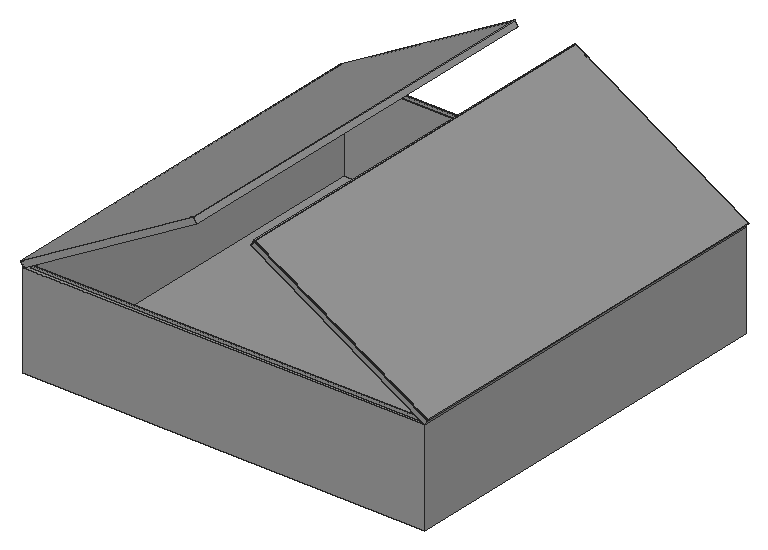
Revit family "Hager-Orion_Inox-IP55-D300-Cl.I-Inox_encl-630A-1200mm-CH-de", category Electrical Equipment, host Face, Revit 2020
Family settings
  Host = Face
  Panel Configuration = Two Columns, Circuits Across
  Round Connector Dimension = Use Diameter
  Part Type = Panelboard
  Cut with Voids When Loaded = No
  Shared = No
  Room Calculation Point = No
Parameters (values of type "Aufputz IP55 B1200 H1200 T300  - FL060BWL")
  Width Control [instance] = if([EF000008 - Breite] > Min Width, [EF000008 - Breite], Min Width)  # 1200 mm
  Type Comments = [HG000003 - Bereich]  # "Orion Inox"
  Thickness Door [instance] = if([EF009171 - Materialstärke Tür/Deckel] > 3 mm, 3 mm, [EF009171 - Materialstärke Tür/Deckel])  # 1.5 mm
  Seal Frame Offset [instance] = 17 mm  # constant formula
  Model = ""
  Min Width [instance] = 100 mm  # constant formula
  Min Height [instance] = 100 mm  # constant formula
  Min Depth [instance] = (2 * [EF009170 - Materialstärke Gehäuse]) + 1 mm  # 4 mm
  Internal Frame Depth [instance] = (Door System Depth * 0.5)  # 9 mm
  Height Control [instance] = if([EF000040 - Höhe] > Min Height, [EF000040 - Höhe], Min Height)  # 1200 mm
  HG000027 - Sockelhöhe = 0 mm
  HG000026 - Stehend auf dem Boden = no
  HG000024 - Höhe des unteren Teils = 800 mm
  HG000023 - Gehäuse mit doppeltem Querschnitt = no
  HG000016 - 3D-Türsichtbarkeit [instance] = yes
  HG000015 - Sichtbarkeit der Türöffnung [instance] = no
  HG000014 - Tür rechts [instance] = yes
  HG000013 - Tür links [instance] = not([HG000014 - Tür rechts])  # no
  HG000012 - Türschwenkwinkel [instance] = 30.00°
  HG000010 - Asymmetrische Türen = no
  HG000009 - Doppelflügeligen Tür = yes
  HG000006 - Unterputz = no
  HG000004 - Herstellerreferenz = "FL060BWL"
  HG000003 - Bereich = "Orion Inox"
  HG000002 - Mit tür = yes
  Frame Offset Bottom [instance] = 10 mm  # constant formula
  Frame Offset [instance] = 15 mm  # constant formula
  EF015940 - Deckel mit Überdruckentlastung = no
  EF011959 - Schutzart (NEMA) = ""
  EF009554 - Anzahl der Öffnungen für Flanschplatten = 0
  Manufacturer = "Hager"  # constant formula
  EF009212 - Ausführung Deckel = "EV000116 - geschlossen"
  EF009171 - Materialstärke Tür/Deckel = 1.5 mm
  EF009170 - Materialstärke Gehäuse = 1.5 mm
  EF008873 - Nennstrom (In) = 630 A
  EF007800 - Geeignet für Blitzschutz = no
  EF006306 - Mit Schloss = yes
  EF006244 - Transparenter Deckel/Tür = no
  EF005474 - Schutzart (IP) = "EV006420 - IP55"
  EF004464 - Art der Tür = "EV003602 - Doppel"
  EF004427 - Anzahl der Module = 0
  EF004293 - Schlagfestigkeit = "EV008784 - IK10"
  EF003532 - Geeignet für Außengebrauch = yes
  EF002950 - Breite in Teilungseinheiten = 0
  EF001613 - Funktionserhalt = "EV000494 - ohne"
  EF001596 - Werkstoff des Gehäuses = "EV000166 - rostfreier Stahl"
  EF001131 - Innentiefe = 266 mm
  EF001088 - Anbaumöglichkeit = yes
  EF000437 - Anzahl der Leitungseinführungen = 0
  EF000339 - Art der Abdeckung = "EV004216 - Tür"
  EF000266 - Anzahl der Reihen = 0
  EF000218 - Einbautiefe = 0 mm
  EF000118 - Mit Montageplatte = no
  EF000116 - RAL-Nummer = ""
  EF000049 - Tiefe = 300 mm
  EF000040 - Höhe = 1200 mm
  EF000008 - Breite = 1200 mm
  EF000007 - Farbe = "EV000154 - sonstige"
  EF000003 - Montageart = "EV000384 - Aufputz"
  Door System Leaf Tolerance [instance] = 1.5 mm  # constant formula
  Door System Depth [instance] = 18 mm  # constant formula
  Depth Control [instance] = if([EF000049 - Tiefe] > Min Depth, [EF000049 - Tiefe], Min Depth)  # 300 mm
  Default Elevation = 0 mm
Types (4, lengths in mm): name | Width Control | HG000004 - Herstellerreferenz | EF000008 - Breite
  Aufputz IP55 B1000 H1200 T300  - FL058BW | 1000 | "FL058BW" | 1000
  Aufputz IP55 B1000 H1200 T300  - FL058BWL | 1000 | "FL058BWL" | 1000
  Aufputz IP55 B1200 H1200 T300  - FL060BW | 1200 | "FL060BW" | 1200
  Aufputz IP55 B1200 H1200 T300  - FL060BWL | 1200 | "FL060BWL" | 1200
Reference planes
  plane 1 "Center (Front/Back)": y = 0
  plane 2: z = 0
  plane 3 "Center (Left/Right)": x = 0
  plane 4: z = 300
  plane 5: y = 1.5
  plane 6: y = 600
  plane 7: y = 0
  plane 8: y = 1200
  plane 9: z = 0
  plane 10: x = -585
  plane 11: x = 585
  plane 12: x = 583.5
  plane 13: x = -583.5
  plane 14: y = 1198.5
  plane 15: x = -583
  plane 16: x = -600
  plane 17: x = 583
  plane 18: x = 600
  plane 19: x = 598.5
  plane 20: x = -598.5
  plane 21: y = 11.5
  plane 22: y = 1200
  plane 23: y = 1183.5
  plane 24: z = 282
  plane 25: z = 1.5
  plane 26: z = 280.5
  plane 27: z = 298.5
Forms (mm)
  Extrusion 1, solid, material "Hager_Stainless_Steel", detail levels medium+fine
    sketch origin (0, 0, 0) x (1, 0, 0) y (0, 1, 0)
      loop
        line (-600, 0) -> (600, 0) -> (600, 1200) -> (-600, 1200) -> (-600, 0)
    from 0 to 282
  Extrusion 2, solid, material "Hager_Steel_RAL 7035_Light_Grey", not visible, detail levels medium+fine
    sketch origin (0, 28.16, 50.802) x (0, 1, 0) y (0, 0, 1)
      loop
        line (623.34, -50.802) -> (623.34, 237.698)
        arc (623.34, 237.698) -> (620.411, 244.769) -> (613.34, 247.698) r 10
        line (613.34, 247.698) -> (583.34, 247.698) -> (583.34, -50.802) -> (623.34, -50.802)
    from -598.5 to 598.5
  Extrusion 3, void
    sketch origin (0, 0, 0) x (1, 0, 0) y (0, 1, 0)
      loop
        line (-598.5, 1.5) -> (598.5, 1.5) -> (598.5, 1198.5) -> (-598.5, 1198.5) -> (-598.5, 1.5)
    from 1.5 to 280.5
  Extrusion 4, void
    sketch origin (-381.607, -4572, 282) x (0, -1, 0) y (-1, 0, 0)
      loop
        line (-4583.5, 201.893) -> (-5755.5, 201.893) -> (-5755.5, -965.107) -> (-4583.5, -965.107) -> (-4583.5, 201.893)
    from 0 to 1.5 <- "EF009170 - Materialstärke Gehäuse"
  Extrusion 5, solid, material "Hager_Stainless_Steel", detail levels fine
    sketch origin (-381.607, -4572, 282) x (-1, 0, 0) y (0, -1, 0)
      loop
        line (201.893, -4583.5) -> (-965.107, -4583.5) -> (-965.107, -5755.5) -> (201.893, -5755.5) -> (201.893, -4583.5)
      loop
        line (202.893, -4582) -> (-966.107, -4582) -> (-966.107, -5757) -> (202.893, -5757) -> (202.893, -4582)
    from 0 to 9 <- "Internal Frame Depth"
  Extrusion 6, solid, material "Hager_Stainless_Steel", detail levels coarse
    sketch origin (0, 0, 0) x (1, 0, 0) y (0, 1, 0)
      loop
        line (-600, 0) -> (600, 0) -> (600, 1200) -> (-600, 1200) -> (-600, 0)
    from 0 to 300
Cuts and joins
  Extrusion 3, Extrusion 4 cuts Extrusion 1
Lines and regions (mm)
  Masking region 1
    outline origin (0, 0, 0) x (1, 0, 0) y (0, 0, 1)
      loop
        line (-600, 300) -> (-600, 0) -> (600, 0) -> (600, 300) -> (-600, 300)
  Masking region 2, detail levels medium+fine
    outline origin (0, 140, 0) x (0, 1, 0) y (0, 0, 1)
      loop
        line (-140, 0) -> (1060, 0) -> (1060, 282) -> (-140, 282) -> (-140, 0)
  Masking region 3, not visible, detail levels medium+fine
    outline origin (0, 297.922, 0) x (0, 1, 0) y (0, 0, 1)
      loop
        line (313.578, 0) -> (353.578, 0) -> (353.578, 288.5)
        arc (353.578, 288.5) -> (350.649, 295.571) -> (343.578, 298.5) r 10
        line (343.578, 298.5) -> (313.578, 298.5) -> (313.578, 0)
  Masking region 4, detail levels coarse
    outline origin (0, 0, 180) x (0, 1, 0) y (0, 0, 1)
      loop
        line (0, -180) -> (1200, -180) -> (1200, 120) -> (0, 120) -> (0, -180)
  Masking region 5
    outline origin (-381.607, -4572, 282) x (-1, 0, 0) y (0, -1, 0)
      loop
        line (218.393, -5772) -> (218.393, -4572) -> (-981.607, -4572) -> (-981.607, -5772) -> (218.393, -5772)
Dimensions and locks
  "Depth Control": plane 4 to host face
  "EF009170 - Materialstärke Gehäuse": plane 5 to plane 7
  locked: connector elem to plane 3 "Center (Left/Right)"
  equal spacing: plane 8, plane 6, plane 7
  locked: connector elem to plane 6
  "EF009170 - Materialstärke Gehäuse": plane 8 to plane 14
  "EF009170 - Materialstärke Gehäuse": plane 10 to plane 13
  "EF009170 - Materialstärke Gehäuse": plane 12 to plane 11
  "Frame Offset": plane 20 to plane 13
  "Frame Offset": plane 12 to plane 19
  "EF009170 - Materialstärke Gehäuse": plane 16 to plane 20
  "EF009170 - Materialstärke Gehäuse": plane 19 to plane 18
  "Seal Frame Offset": plane 16 to plane 15
  "Seal Frame Offset": plane 17 to plane 18
  "Frame Offset Bottom": plane 21 to plane 5
  "Frame Offset": plane 14 to plane 23
  equal spacing: plane 16, plane 3 "Center (Left/Right)", plane 18
  "Width Control": plane 16 to plane 18
  "EF009170 - Materialstärke Gehäuse": plane 4 to plane 27
  "EF009170 - Materialstärke Gehäuse": plane 24 to plane 26
  "EF009170 - Materialstärke Gehäuse": plane 25 to level
  "Door System Depth": plane 4 to plane 24
  "Height Control": plane 1 "Center (Front/Back)" to Extrusion 6 sketch curve
  "Height Control": Masking region 4 sketch curve to plane 1 "Center (Front/Back)"
  "Thickness Door": Extrusion 5 sketch curve to plane 15
  "Thickness Door": plane 21 to Extrusion 5 sketch curve
  "Thickness Door": plane 17 to Extrusion 5 sketch curve
  "Thickness Door": Extrusion 5 sketch curve to plane 23
  "Height Control": plane 1 "Center (Front/Back)" to plane 22
  radius of Masking region 3 sketch curve = 10 mm
  radius of Extrusion 2 sketch curve = 10 mm
  aligned and locked: plane 2 to host face
  aligned and locked: level to host face
  aligned and locked: level to Masking region 1 sketch curve
  aligned and locked: Masking region 1 sketch curve to plane 18
  aligned and locked: Masking region 1 sketch curve to plane 16
  aligned and locked: plane 7 to Masking region 2 sketch curve
  aligned and locked: level to Masking region 3 sketch curve
  aligned and locked: Masking region 3 sketch curve to plane 27
  aligned and locked: level to Masking region 2 sketch curve
  aligned and locked: Extrusion 1 sketch curve to plane 7
  aligned and locked: plane 16 to Extrusion 1 sketch curve
  aligned and locked: plane 18 to Extrusion 1 sketch curve
  aligned and locked: Extrusion 2 sketch curve to level
  aligned and locked: plane 27 to Extrusion 2 sketch curve
  aligned and locked: plane 20 to Extrusion 2
  aligned and locked: plane 19 to Extrusion 2
  aligned and locked: plane 20 to Extrusion 3 sketch curve
  aligned and locked: plane 19 to Extrusion 3 sketch curve
  aligned and locked: Extrusion 3 sketch curve to plane 5
  aligned and locked: Extrusion 3 to plane 25
  aligned and locked: plane 26 to Extrusion 3
  aligned and locked: plane 24 to Extrusion 1
  aligned and locked: Extrusion 4 sketch curve to plane 21
  aligned and locked: Extrusion 4 sketch curve to plane 13
  aligned and locked: Extrusion 4 sketch curve to plane 12
  aligned and locked: plane 18 to Extrusion 6 sketch curve
  aligned and locked: plane 1 "Center (Front/Back)" to Extrusion 6 sketch curve
  aligned and locked: plane 16 to Extrusion 6 sketch curve
  aligned and locked: plane 4 to Extrusion 6
  aligned and locked: Extrusion 6 to level
  aligned and locked: level to Masking region 4 sketch curve
  aligned and locked: Masking region 4 sketch curve to plane 1 "Center (Front/Back)"
  aligned and locked: Masking region 4 sketch curve to plane 4
  aligned and locked: nested 1 to level
  aligned and locked: nested 1 to plane 16
  aligned and locked: Extrusion 1 sketch curve to plane 8
  aligned and locked: Extrusion 4 sketch curve to plane 23
  aligned and locked: Extrusion 3 sketch curve to plane 14
  aligned and locked: Extrusion 5 sketch curve to plane 21
  aligned and locked: plane 13 to Extrusion 5 sketch curve
  aligned and locked: Extrusion 5 sketch curve to plane 23
  aligned and locked: plane 12 to Extrusion 5 sketch curve
  aligned and locked: Masking region 2 sketch curve to plane 8
  aligned and locked: Masking region 2 sketch curve to plane 24
  aligned and locked: nested 2 to plane 3 "Center (Left/Right)"
  aligned and locked: nested 2 to plane 24
  aligned and locked: Masking region 5 sketch curve to plane 1 "Center (Front/Back)"
  aligned and locked: Masking region 5 sketch curve to plane 18
  aligned and locked: Masking region 5 sketch curve to plane 22
  aligned and locked: Masking region 5 sketch curve to plane 16
  aligned and locked: plane 8 to plane 22
  aligned and locked: plane 7 to plane 1 "Center (Front/Back)"
  aligned and locked: nested 2 to plane 1 "Center (Front/Back)"
Automatic sketch dimensions
  host sketch curve to host sketch curve = 1469.727 mm
  host sketch curve to host sketch curve = 2116.445 mm
  plane 6 to Masking region 3 sketch curve = 11.5 mm
  Masking region 3 sketch curve to Masking region 3 sketch curve = 30 mm
  plane 6 to Extrusion 2 sketch curve = 11.5 mm
  Extrusion 2 sketch curve to Extrusion 2 sketch curve = 30 mm
  Masking region 1 sketch curve to plane 4 = 0 mm
Nested families
  nested 1: "Hager_Enclosure_Symbol" at (-600, 0, 0) x (1, 0, 0) z (0, -1, 0), Height <- "Depth Control", Width <- "Width Control", type "Hager_Enclosure_Symbol"
    with Width_Ctrl 1200 mm, Width 1200 mm, Height_Ctrl 300 mm, Height 300 mm, A_Width_Int 19.688 mm, A_Width 236.25 mm, A_Height_Ctrl 262.5 mm, A_Height 262.5 mm
  nested 2: "EC000058_OrionInox_Door" at (0, 1200, 282) x (1, 0, 0) z (0, -1, 0), Leaf_Tolerance <- "Door System Leaf Tolerance", Angle <- "HG000012 - Türschwenkwinkel", Door_Depth <- "Door System Depth", Door_Left <- "HG000013 - Tür links", Transparent <- "EF006244 - Transparenter Deckel/Tür", Assymetrical <- "HG000010 - Asymmetrische Türen", Width <- "Width Control", Clearance <- "HG000015 - Sichtbarkeit der Türöffnung", Double <- "HG000009 - Doppelflügeligen Tür", 3d_Door <- "HG000016 - 3D-Türsichtbarkeit", Width_Ctrl <- "Width Control", Door_Right <- "HG000014 - Tür rechts", Door <- "HG000002 - Mit tür", Height <- "Height Control", Thickness <- "Thickness Door", type "EC000058_OrionInox_Door", detail levels medium+fine
    with min_wh 4 mm, Width_Ctrl 1200 mm, Width 1200 mm, Transparent no, Thickness 1.5 mm, Seal_Material Hager_Rubber, Leaf_Width 1200 mm, Leaf_Tolerance_External_Sides 0 mm, Leaf_Tolerance 1.5 mm, Leaf_Offset 0 mm, Leaf_Height 1197 mm, Leaf_2_Width 598.5 mm, Leaf_2_Offset 300 mm, Leaf_1_Width 598.5 mm, Leaf_1_Offset 300 mm, Height_Ctrl 1200 mm, Height 1200 mm, Glass_Material Hager_Glass, Double_Clearance_Ctrl no, Double yes, Door_Right_Ctrl yes, Door_Right yes, Door_Material Hager_Stainless_Steel, Door_Left_Ctrl yes, Door_Left no, Door_Depth 18 mm, Door yes, Clearance_Material Hager_Clearance, Clearance_Depth 598.5 mm, Clearance_Ctrl no, Clearance no, Assymetrical no, Angle 30.00°, 3d_Door yes
Connectors
  electrical at (0, 600, 0)
    settings: on plane 9, index 1, voltage 0 V, apparent load 0 VA, apparent load phase1 0 VA, apparent load phase2 0 VA, apparent load phase3 0 VA, power factor 1, load classification "Other", number of poles 1, system type 30, power factor state 1, is connector primary yes, connector utility no, sub classification motor no, connector description ""
Definition of nested family "EC000058_OrionInox_Door"
  Parameters (values of type "EC000058_OrionInox_Door")
    min_wh [instance] = (2 * Thickness) + 1 mm  # 11 mm
    Width_Ctrl [instance] = 400 mm
    Width [instance] = 500 mm
    Transparent [instance] = yes
    Thickness [instance] = 5 mm
    Seal_Material [instance] = none
    Leaf_Width [instance] = if((Width_Ctrl - 2 * Leaf_Tolerance_External_Sides) > 0 mm, (Width_Ctrl - 2 * Leaf_Tolerance_External_Sides), min_wh)  # 400 mm
    Leaf_Tolerance_External_Sides [instance] = 0 mm  # constant formula
    Leaf_Tolerance [instance] = 1.5 mm
    Leaf_Offset [instance] = 0 mm  # constant formula
    Leaf_Height [instance] = if((Height_Ctrl - 2 * Leaf_Tolerance) > 0 mm, (Height_Ctrl - 2 * Leaf_Tolerance), min_wh)  # 497 mm
    Leaf_2_Width [instance] = if(and(and(Double, Assymetrical), Door_Left), (Leaf_Width / 3) - (Leaf_Tolerance / 2), if(and(and(Double, Assymetrical), Door_Right), (Leaf_Width / 3) * 2 - (Leaf_Tolerance / 2), if(and(Double, not(Assymetrical)), (Leaf_Width / 2) - Leaf_Tolerance, Leaf_Width)))  # 400 mm
    Leaf_2_Offset [instance] = if(and(Double, Assymetrical), Leaf_2_Width / 2, if(and(Double, not(Assymetrical)), Leaf_Width / 4, Leaf_Width / 2))  # 200 mm
    Leaf_1_Width [instance] = if(and(and(Double, Assymetrical), Door_Right), (Leaf_Width / 3) - (Leaf_Tolerance / 2), if(and(and(Double, Assymetrical), Door_Left), (Width / 3) * 2 - (Leaf_Tolerance / 2), if(and(Double, not(Assymetrical)), (Leaf_Width / 2) - Leaf_Tolerance, Leaf_Width)))  # 400 mm
    Leaf_1_Offset [instance] = if(and(Double, Assymetrical), Leaf_1_Width / 2, if(and(Double, not(Assymetrical)), Leaf_Width / 4, Leaf_Width / 2))  # 200 mm
    Height_Ctrl [instance] = if(Height > min_wh, Height, min_wh)  # 500 mm
    Height [instance] = 500 mm
    Glass_Material [instance] = none
    Double_Clearance_Ctrl [instance] = and(Double, Clearance)  # no
    Double [instance] = no
    Door_Right_Ctrl [instance] = and(or(Door_Right, Double), Door)  # yes
    Door_Right [instance] = yes
    Door_Material [instance] = none
    Door_Left_Ctrl [instance] = and(or(Door_Left, Double), Door)  # no
    Door_Left [instance] = no
    Door_Depth [instance] = 30 mm
    Door [instance] = yes
    Default Elevation = 1219.2 mm
    Clearance_Material [instance] = none
    Clearance_Depth [instance] = if(Leaf_1_Width > Leaf_2_Width, Leaf_1_Width, Leaf_2_Width)  # 400 mm
    Clearance_Ctrl [instance] = and(not(Double), Clearance)  # yes
    Clearance [instance] = yes
    Assymetrical [instance] = yes
    Angle [instance] = 30.00°
    3d_Door [instance] = yes
  Reference planes
    plane 1 "Center (Front/Back)": y = 0
    plane 2 "Bottom": z = 0
    plane 3 "Center (Left/Right)": x = 0
    plane 4: z = 500
    plane 5: x = -200
    plane 6: x = 200
    plane 7: z = 500
    plane 8: x = -200
    plane 9: z = 0
    plane 10: x = 200
    plane 11: y = 0
    plane 12: z = 1.5
    plane 13: x = -600
    plane 14: y = -400
    plane 15: x = 600
    plane 16: x = 0
    plane 17: x = 0
    plane 18: x = -200
    plane 19: x = 200
    plane 20: z = 498.5
  Forms (mm)
    Extrusion 1, solid, material <- "Clearance_Material", visible <- "Double_Clearance_Ctrl"
      sketch origin (1200, 0, 0) x (1, 0, 0) y (0, 0, -1)
        loop
          line (-1800, -498.5) -> (-600, -498.5) -> (-600, 0) -> (-1800, 0) -> (-1800, -498.5)
      from 0 to -400
  Dimensions and locks
    equal spacing: plane 5, plane 3 "Center (Left/Right)", plane 6
    "Width_Ctrl": plane 5 to plane 6
    "Leaf_Offset": plane 5 to plane 8
    "Leaf_Offset": plane 6 to plane 10
    "Leaf_Offset": plane 9 to level
    "Leaf_Offset": plane 4 to plane 7
    "Height_Ctrl": plane 4 to level
    "Leaf_Tolerance": plane 12 to plane 9
    locked: plane 11 to plane 1 "Center (Front/Back)"
    "Leaf_1_Offset": plane 18 to plane 16
    "Leaf_2_Offset": plane 17 to plane 19
    "Leaf_1_Width": plane 13 to plane 8
    "Leaf_2_Width": plane 10 to plane 15
    "Clearance_Depth": plane 14 to plane 1 "Center (Front/Back)"
    "Leaf_Tolerance_External_Sides": plane 8 to plane 18
    "Leaf_Tolerance_External_Sides": plane 19 to plane 10
    "Leaf_Tolerance": plane 7 to plane 20
    aligned and locked: level to plane 2 "Bottom"
    aligned and locked: nested 1 to plane 16
    aligned and locked: nested 2 to plane 17
    aligned and locked: Extrusion 1 to plane 13
    aligned and locked: plane 15 to Extrusion 1
    aligned and locked: Extrusion 1 to plane 14
    aligned and locked: plane 12 to nested 1
    aligned and locked: nested 2 to plane 12
    aligned and locked: Extrusion 1 to plane 11
    aligned and locked: plane 20 to Extrusion 1
    aligned and locked: nested 2 to plane 11
    aligned and locked: nested 1 to plane 11
  Automatic sketch dimensions
    Extrusion 1 sketch curve to level = 0 mm
    plane 5 to Extrusion 1 sketch curve = 400 mm
    plane 6 to Extrusion 1 sketch curve = 400 mm
    Extrusion 1 sketch curve to plane 4 = 1.5 mm
  Nested families
    nested 1: "EC000058_OrionInox_Door_Leaf" at (0, 0, 1.5), Width <- "Leaf_1_Width", visible <- "Door_Left_Ctrl", Leaf_Height <- "Leaf_Height", Angle <- "Angle", 3d_Door <- "3d_Door", Transparent <- "Transparent", Clearance Material <- "Clearance_Material", Clearance <- "Clearance_Ctrl", Door_Material <- "Door_Material", Glass_Material <- "Glass_Material", Door_Depth <- "Door_Depth", Seal_Material <- "Seal_Material", Thickness <- "Thickness", type "EC000058_OrionInox_Door_Leaf"
      with Width 400 mm, Transparent_Ctrl yes, Transparent yes, Thickness 5 mm, Standard no, Seal_Material none, Seal_D2 8 mm, Seal_D1 1 mm, Offset_Internal_Frame 10 mm, Lock_Width 28 mm, Lock_Thickness 2 mm, Lock_Radius 6 mm, Leaf_Height 497 mm, Internal_Seal_Thickness 8 mm, Internal_Seal_Depth_2 4.5 mm, Internal_Frame_Depth 25 mm, Glass_Thickness -1 mm, Glass_Offset -2 mm, Glass_Material none, Door_Material none, Door_Depth 30 mm, Clearance Material none, Clearance yes, Angle_Ctrl 30.00°, Angle 30.00°, 3d_Door yes
    nested 2: "EC000058_OrionInox_Door_Leaf" at (0, 0, 1.5) x (-1, 0, 0) z (0, 0, 1), Width <- "Leaf_2_Width", visible <- "Door_Right_Ctrl", Leaf_Height <- "Leaf_Height", Angle <- "Angle", 3d_Door <- "3d_Door", Transparent <- "Transparent", Clearance Material <- "Clearance_Material", Clearance <- "Clearance_Ctrl", Door_Material <- "Door_Material", Glass_Material <- "Glass_Material", Door_Depth <- "Door_Depth", Seal_Material <- "Seal_Material", Thickness <- "Thickness", type "EC000058_OrionInox_Door_Leaf"
      with Width 400 mm, Transparent_Ctrl yes, Transparent yes, Thickness 5 mm, Standard no, Seal_Material none, Seal_D2 8 mm, Seal_D1 1 mm, Offset_Internal_Frame 10 mm, Lock_Width 28 mm, Lock_Thickness 2 mm, Lock_Radius 6 mm, Leaf_Height 497 mm, Internal_Seal_Thickness 8 mm, Internal_Seal_Depth_2 4.5 mm, Internal_Frame_Depth 25 mm, Glass_Thickness -1 mm, Glass_Offset -2 mm, Glass_Material none, Door_Material none, Door_Depth 30 mm, Clearance Material none, Clearance yes, Angle_Ctrl 30.00°, Angle 30.00°, 3d_Door yes
  Definition of nested family "EC000058_OrionInox_Door_Leaf"
    Parameters (values of type "EC000058_OrionInox_Door_Leaf")
      Width [instance] = 450 mm
      Transparent_Ctrl [instance] = and(Transparent, [3d_Door])  # yes
      Transparent [instance] = yes
      Thickness [instance] = 5 mm
      Standard [instance] = and(not(Transparent), [3d_Door])  # no
      Seal_Material [instance] = none
      Seal_D2 [instance] = 8 mm  # constant formula
      Seal_D1 [instance] = 1 mm  # constant formula
      Offset_Internal_Frame [instance] = 10 mm  # constant formula
      Lock_Width [instance] = Door_Depth - Lock_Thickness  # 28 mm
      Lock_Thickness [instance] = 2 mm  # constant formula
      Lock_Radius [instance] = 6 mm  # constant formula
      Leaf_Height [instance] = 450 mm
      Internal_Seal_Thickness [instance] = 8 mm  # constant formula
      Internal_Seal_Depth_2 [instance] = 4.5 mm  # constant formula
      Internal_Frame_Depth [instance] = if(Door_Depth - Thickness > 5 mm, Door_Depth - Thickness, 5 mm)  # 25 mm
      Glass_Thickness [instance] = if(Thickness > 15 mm, Glass_Offset + 10 mm, -1 mm)  # -1 mm
      Glass_Offset [instance] = if(Thickness > 15 mm, -(Thickness + 10 mm) / 2, -2 mm)  # -2 mm
      Glass_Material [instance] = none
      Door_Material [instance] = none
      Door_Depth [instance] = 30 mm
      Default Elevation = 0 mm
      Clearance Material [instance] = none
      Clearance [instance] = yes
      Angle_Ctrl [instance] = if(Angle > 180.00°, 180.00°, Angle)  # 90.00°
      Angle [instance] = 90.00°
      3d_Door [instance] = yes
    Reference planes
      plane 1 "Center (Front/Back)": y = 0
      plane 2: z = 0
      plane 3 "Center (Left/Right)": x = 0
      plane 4: y = 450
      plane 5: x = -225
      plane 6: x = 225
      plane 7: x = -675
      plane 8: z = 450
      plane 9: z = 30
      plane 10: z = 420
      plane 11: x = 195
      plane 12: x = -195
      plane 13: y = -3
      plane 14: z = 107.833
      plane 15: y = -5
      plane 16: y = -223.314
      plane 17: x = -225
      plane 18: y = 30
    Forms (mm)
      Extrusion 1, solid, material <- "Clearance Material", visible <- "Clearance"
        sketch origin (0, 0, 0) x (1, 0, 0) y (0, 0, 1)
          loop
            line (-675, 450) -> (-675, 0) -> (225, 0) -> (225, 450) -> (-675, 450)
        from 0 to -450
      Extrusion 2, solid, material <- "Door_Material", visible <- "Standard", detail levels medium+fine
        sketch origin (-225, 0, 0) x (0, 1, 0) y (-1, 0, 0)
          loop
            line (0, 30) -> (0, 25) -> (450, 25) -> (450, 30) -> (0, 30)
        from 0 to 450 <- "Leaf_Height"
      Extrusion 3, solid, material <- "Door_Material", visible <- "Transparent_Ctrl", detail levels medium+fine
        sketch origin (-225, 0, 0) x (0, 1, 0) y (-1, 0, 0)
          loop
            line (0, 25) -> (450, 25) -> (450, 30) -> (0, 30) -> (0, 25)
        from 0 to 450 <- "Leaf_Height"
      Extrusion 4, void
        sketch origin (-250, 450, 0) x (0, 1, 0) y (0, 0, -1)
          loop
            line (-30, -420) -> (-30, -30) -> (-420, -30) -> (-420, -420) -> (-30, -420)
        from 0 to 5 <- "Thickness"
      Sweep 5, solid, material <- "Seal_Material", visible <- "Transparent_Ctrl", detail levels fine
        path in 3D
          loop
            line (-250, 30, 30) -> (-250, 30, 420) -> (-250, 420, 420) -> (-250, 420, 30) -> (-250, 30, 30)
        profile origin (-250, 225, 30) x (1, 0, 0) y (0, 0, 1)
          loop
            line (0, 0) -> (0, -8) -> (1, -8) -> (1, 0) -> (0, 0)
      Extrusion 6, solid, material <- "Glass_Material", visible <- "Transparent_Ctrl", detail levels medium+fine
        sketch origin (-255, 0, 0) x (0, 1, 0) y (0, 0, -1)
          loop
            line (420, -420) -> (420, -30) -> (30, -30) -> (30, -420) -> (420, -420)
        from -2 <- "Glass_Offset" to -1 <- "Glass_Thickness"
      Extrusion 7, solid, material <- "Door_Material", visible <- "3d_Door", detail levels medium+fine
        sketch origin (-250, 450, 0) x (0, -1, 0) y (0, 0, -1)
          loop
            line (0, -450) -> (450, -450) -> (450, 0) -> (0, 0) -> (0, -450)
          loop
            line (445, -5) -> (5, -5) -> (5, -445) -> (445, -445) -> (445, -5)
        from 0 to 25 <- "Internal_Frame_Depth"
      Sweep 8, solid, material <- "Seal_Material", visible <- "Transparent_Ctrl", detail levels fine
        path in 3D
          loop
            line (-250, 0, 0) -> (-250, 450, 0) -> (-250, 450, 450) -> (-250, 0, 450) -> (-250, 0, 0)
        profile origin (-250, 0, 225) x (1, 0, 0) y (0, 1, 0)
          loop
            line (0, 10) -> (2.975, 10)
            arc (2.975, 10) -> (4.053, 10.447) -> (4.5, 11.525) r 1.525
            line (4.5, 11.525) -> (4.5, 16.527)
            arc (4.5, 16.527) -> (4.069, 17.569) -> (3.027, 18) r 1.473
            line (3.027, 18) -> (0, 18) -> (0, 10)
    Cuts and joins
      Extrusion 4 cuts Extrusion 3
    Lines and regions (mm)
      Masking region 1, detail levels medium+fine
        outline origin (0, 0, 0) x (0, 1, 0) y (0, 0, 1)
          loop
            line (0, 0) -> (30, 0) -> (30, 450) -> (0, 450) -> (0, 0)
      Masking region 2, detail levels medium+fine
        outline origin (0, 0, 0) x (1, 0, 0) y (0, 0, 1)
          loop
            line (-225, 450) -> (-225, 0) -> (225, 0) -> (225, 450) -> (-225, 450)
      symbolic lines
        curve 1: line (225, 0, 0) -> (-675, 0, 0)
        curve 2: arc (225, 0, 0) -> (-225, 450, 0) -> (-675, 0, 0) r 450
        curve 4: line (-255, 0, 0) -> (-255, 450, 0)
      reference lines
        curve 3: line (-225, 0, 0) -> (-225, 450, 0)
      symbolic lines, detail levels medium+fine
        curve 5: line (-255, 450, 0) -> (-250, 450, 0)
        curve 7: line (-250, 0, 0) -> (-255, 0, 0)
        curve 8: line (-250, 0, 0) -> (-225, 0, 0)
        curve 9: line (-225, 0, 0) -> (-225, 450, 0)
        curve 10: line (-225, 450, 0) -> (-250, 450, 0)
      symbolic lines, detail levels fine
        curve 6: line (-250, 450, 0) -> (-250, 0, 0)
      sketch lines
        curve 11: line (-250, 0, 450) -> (-250, 0, 0)
        curve 12: line (-250, 450, 0) -> (-250, 0, 0)
        curve 13: line (-250, 450, 450) -> (-250, 450, 0)
        curve 14: line (-250, 0, 450) -> (-250, 450, 450)
        curve 15: line (-250, 420, 30) -> (-250, 30, 30)
        curve 16: line (-250, 30, 30) -> (-250, 30, 420)
        curve 17: line (-250, 420, 420) -> (-250, 420, 30)
        curve 18: line (-250, 30, 420) -> (-250, 420, 420)
      symbolic lines, visible <- "Transparent", detail levels medium+fine
        curve 19: line (-195, 0, 420) -> (195, 0, 420)
        curve 20: line (-195, 0, 30) -> (-195, 0, 420)
        curve 21: line (195, 0, 30) -> (-195, 0, 30)
        curve 22: line (195, 0, 420) -> (195, 0, 30)
    Dimensions and locks
      "Width": plane 1 "Center (Front/Back)" to plane 4
      equal spacing: plane 5, plane 3 "Center (Left/Right)", plane 6
      "Width": plane 5 to plane 6
      "Width": plane 7 to plane 5
      "Leaf_Height": plane 8 to level
      "Width": curve 5 to curve 3
      "Width": curve 3 to curve 3
      plane 8 to plane 10 = 30 mm
      plane 9 to level = 30 mm
      plane 12 to plane 5 = 30 mm
      plane 6 to plane 11 = 30 mm
      Extrusion 4 sketch curve to Extrusion 3 = 30 mm
      Extrusion 3 to Extrusion 4 sketch curve = 30 mm
      Extrusion 1 to Extrusion 4 sketch curve = 30 mm
      curve 3 to Extrusion 4 sketch curve = 30 mm
      Extrusion 4 sketch curve to cut or joined group of Extrusion 3, Extrusion 4 = 30 mm
      cut or joined group of Extrusion 3, Extrusion 4 to Extrusion 6 sketch curve = 30 mm
      cut or joined group of Extrusion 3, Extrusion 4 to Extrusion 4 sketch curve = 30 mm
      "Thickness": curve 6 to curve 4
      "Thickness": Extrusion 7 sketch curve to Extrusion 7 sketch curve  (x4)
      "Door_Depth": curve 4 to curve 3
      "Offset_Internal_Frame": profile plane to Sweep 8 sketch curve
      "Internal_Seal_Thickness": Sweep 8 sketch curve to Sweep 8 sketch curve
      "Internal_Seal_Depth_2": profile plane to Sweep 8 sketch curve
      "Seal_D1": profile plane to Sweep 5 sketch curve
      "Seal_D2": profile plane to Sweep 5 sketch curve
      "Thickness": Extrusion 2 sketch curve to Extrusion 2 sketch curve
      "Door_Depth": plane 18 to plane 1 "Center (Front/Back)"
      radius of Sweep 8 sketch curve = 1.525 mm
      radius of Sweep 8 sketch curve = 1.473 mm
      "Angle_Ctrl": angle plane 1 "Center (Front/Back)" to curve 3
      aligned and locked: level to plane 2
      aligned and locked: Extrusion 1 to curve 1
      aligned and locked: plane 6 to Extrusion 1
      aligned and locked: plane 1 "Center (Front/Back)" to Extrusion 1
      aligned and locked: plane 4 to Extrusion 1
      aligned and locked: plane 8 to Extrusion 1
      aligned and locked: curve 7 to Extrusion 2 sketch curve
      aligned and locked: curve 5 to Extrusion 2 sketch curve
      aligned and locked: curve 7 to Extrusion 3 sketch curve
      aligned and locked: Extrusion 3 sketch curve to curve 4
      aligned and locked: Extrusion 3 sketch curve to curve 6
      aligned and locked: Extrusion 3 sketch curve to curve 5
      aligned and locked: curve 9 to curve 3
      aligned and locked: Extrusion 7 sketch curve to cut or joined group of Extrusion 3, Extrusion 4  (x4)
      aligned and locked: plane 17 to curve 3
      aligned and locked: plane 1 "Center (Front/Back)" to curve 3
      aligned and locked: plane 17 to plane 5
      aligned and locked: Sweep 8 sketch curve to profile plane
      aligned and locked: Sweep 5 sketch curve to profile plane  (x2)
      aligned and locked: plane 1 "Center (Front/Back)" to Masking region 1 sketch curve
      aligned and locked: plane 18 to Masking region 1 sketch curve
      aligned and locked: level to Masking region 1 sketch curve
      aligned and locked: Masking region 1 sketch curve to plane 8
      aligned and locked: plane 17 to Masking region 2 sketch curve
      aligned and locked: level to Masking region 2 sketch curve
      aligned and locked: Masking region 2 sketch curve to plane 8
      aligned and locked: plane 12 to curve 20
      aligned and locked: plane 10 to curve 19
      aligned and locked: plane 11 to curve 22
      aligned and locked: plane 9 to curve 21
      aligned and locked: Extrusion 2 sketch curve to cut or joined group of Extrusion 3, Extrusion 4
    Automatic sketch dimensions
      plane 1 "Center (Front/Back)" to curve 2 = 0 mm
      curve 2 to plane 5 = 0 mm
      Extrusion 1 sketch curve to level = 0 mm
      Extrusion 1 sketch curve to plane 7 = 0 mm
      Extrusion 1 sketch curve to plane 6 = 0 mm
      Extrusion 1 sketch curve to plane 8 = 0 mm
      Extrusion 3 to Extrusion 6 sketch curve = 30 mm  (x4)
      Masking region 2 sketch curve to plane 6 = 0 mm
      curve 4 to curve 3 = 0 mm
Definition of nested family "Hager_Enclosure_Symbol"
  Parameters (values of type "Hager_Enclosure_Symbol")
    Width_Ctrl [instance] = if(Width > 1 mm, Width, 1 mm)  # 102.27 mm
    Width [instance] = 102.27 mm
    Height_Ctrl [instance] = if(Height > 1 mm, Height, 1 mm)  # 66.5 mm
    A_Width_Int [instance] = if(A_Width / 12 > 2 mm, A_Width / 12, 2 mm)  # 4.364 mm
    A_Width [instance] = if(A_Height_Ctrl * 0.9 > 2 mm, A_Height_Ctrl * 0.9, 2 mm)  # 52.369 mm
    A_Height_Ctrl [instance] = if(A_Height > 2 mm, A_Height, 2 mm)  # 58.188 mm
    Height [instance] = 66.5 mm
    A_Height [instance] = Height - (Height / 8)  # 58.188 mm
  Reference planes
    plane 1 "Centre (avant/arrière)": y = 0
    plane 2: z = 0
    plane 3 "Centre (gauche/droite)": x = 0
    plane 4: x = 52.369
    plane 5: y = 33.042
    plane 6: y = 41.77
    plane 7: y = 66.5
    plane 8: x = 26.184
    plane 9: y = 37.406
    plane 10: x = 102.27
    plane 11: y = 66.5
    plane 12: y = 8.313
  Lines and regions (mm)
    Filled region 1, type "Solid_Black", in view "Niveau de réf."
      outline origin (0, 0, 0) x (1, 0, 0) y (0, 1, 0)
        loop
          line (52.369, 66.5) -> (33.188, 54.536) -> (45.365, 45.006) -> (52.369, 66.5)
    Filled region 2, type "Solid_Black", in view "Niveau de réf."
      outline origin (0, 0, 0) x (1, 0, 0) y (0, 1, 0)
        loop
          line (0, 0) -> (102.27, 0) -> (102.27, 66.5) -> (0, 0)
    detail lines, in view "Niveau de réf."
      curve 1: line (0, 8.313, 0) -> (26.184, 41.77, 0)
      curve 2: line (26.184, 41.77, 0) -> (26.184, 33.042, 0)
      curve 3: line (26.184, 33.042, 0) -> (52.369, 66.5, 0)
  Dimensions and locks
    "A_Width": plane 3 "Centre (gauche/droite)" to plane 4
    equal spacing: plane 3 "Centre (gauche/droite)", plane 8, plane 4
    equal spacing: plane 6, plane 9, plane 5
    equal spacing: curve 3, Filled region 1 sketch curve, Filled region 1 sketch curve
    "Height_Ctrl": plane 1 "Centre (avant/arrière)" to plane 11
    "A_Height_Ctrl": plane 11 to plane 12
    equal spacing: plane 11, plane 9, plane 12
    "A_Width_Int": plane 6 to plane 9
    "Width_Ctrl": plane 3 "Centre (gauche/droite)" to plane 10
    angle Filled region 1 sketch curve to curve 3 = 20.00°
    angle curve 3 to Filled region 1 sketch curve = 20.00°
    locked: curve 3 to Filled region 1 sketch curve (angle 90.00°)
    aligned and locked: plane 10 to Filled region 2
    aligned and locked: plane 11 to Filled region 2 sketch curve
    aligned and locked: plane 10 to Filled region 2 sketch curve
    aligned and locked: plane 3 "Centre (gauche/droite)" to curve 1
    aligned and locked: plane 12 to curve 1
    aligned and locked: plane 7 to plane 11
  Automatic sketch dimensions
    Filled region 1 sketch curve to plane 4 = 0 mm
    Filled region 1 sketch curve to plane 7 = 0 mm
    plane 1 "Centre (avant/arrière)" to Filled region 2 sketch curve = 0 mm
    Filled region 2 sketch curve to plane 3 "Centre (gauche/droite)" = 0 mm
    curve 2 to plane 6 = 0 mm
    curve 2 to plane 8 = 0 mm
    curve 3 to plane 4 = 0 mm
    curve 2 to plane 5 = 0 mm
    curve 3 to plane 7 = 0 mm
